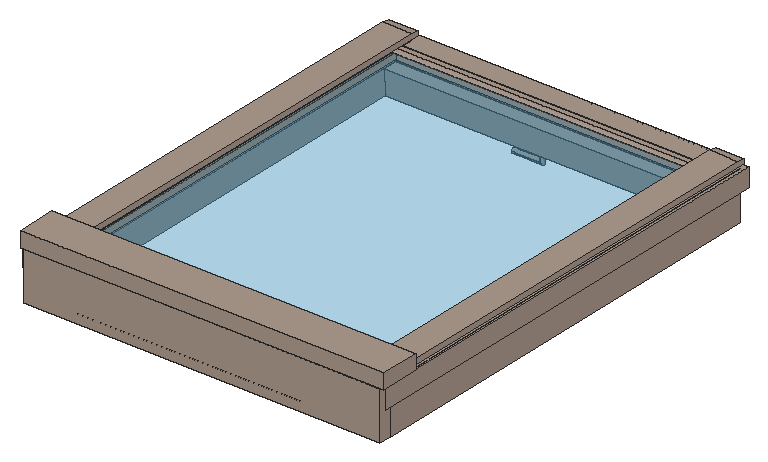
Revit family "GPL_v_1.01", category Окна, Revit 2017
Family settings
  Основа = Крыша
  Всегда вертикально = Нет
  При загрузке вырезать с полостями = Нет
  Общий = Нет
  Точка расчета площади = Нет
Parameters (values of type "Default")
  g-value = "0.66"
  Youtube clip = ""
  Window Opening Angle = if(Open Window, 45.00°, 0.00°)  # 0.00°
  Window Area = 1.11
  Ширина = 940.000 mm
  Weight Net (kg) = ""
  Warranty Years = "5 (10 with BDX)"
  Uniclass 2.0 Description = "Roof Window Units"
  Uniclass 2.0 Code = "PR-59-72"
  Uniclass 1.4 Description = "Rooflights/Roof windows"
  Uniclass 1.4 Code = "JL11"
  URL = "http://file-system.ru/catalog/zdaniya_i_sooruzheniya/eksterer/okna/gpl_velux_premium_mansardnoe_okno/#close_popup_window"
  UNSPC code = 301516
  UNSPC Category = "Roofing accessories"
  ThermalTransmittance - Glazing = "1.1"
  ThermalTransmittance = "1.57"
  Thermal bridge(glazing) = 0.049
  Thermal bridge = "0.09"
  Thermal Transmittance(frame) = 1.3
  Technical description = ""
  Square Reveal Length = 150.000 mm
  Sound Insulation db = 32
  Rough Width = 0.000 mm
  Rough Height = 0.000 mm
  Roof Slope = 45.00°
  Product identifier = ""
  Product group = "GPL 1.01"
  Product family = "Tophung window"
  Product data url = "http://www.velux.co.uk/private/products/velux_roof_windows/top_hung"
  Product certification = ""
  Product SKU = "gpl101"
  Placement Height = 0.000 mm
  Perimeter Window = 4.24
  Perimeter Glazing = 3.49
  Panel Offset = -39.000 mm  # constant formula
  Operation Mode = "Manuel"
  Open Window = no
  Offset from Roof = Placement Height + 169.000 mm  # 169.000 mm
  Name of the object = "New Generation - GPL"
  NBS Reference Description = "Roof Window Units"
  NBS Reference = "59-72"
  Группа модели = "New Generation - GPL"
  Material main = Wood
  Material Internal = Glass 73Q + ISD 0000
  Manufacturer country = "Denmark"
  Manufacturer URL = "www.velux.com"
  Изготовитель = "VELUX A/S"  # constant formula
  Light transmittance = "0.80"
  Installation instructions = "http://www.velux.co.uk/en-GB/Documents/Installation%20instructions%20pdf/Top%20Hung%20452226-0910.pdf"
  IFC Classification = "Window"
  Height = 1180.000 mm
  GlazingAreaFraction = "0.9"
  Function = "Top hung roof window"
  Frame Area = 0.21
  Emergency Exit = no
  Edition number = "1"
  EAN code = ""
  Design country = "Denmark"
  Date of publishing = "6/27/2013"
  Copyright = "VELUX A/S"  # constant formula
  COBIe Type Category = ""
  BIMobject Category = "Roof Window"
  Код по классификатору = "B3020110"
  Apron Visible [instance] = no
  Angled opening top [instance] = 135.00°
  Angled opening bottom [instance] = 135.00°
  Angle = -(Window Opening Angle)  # 0.00°
  Allowed Roof Slope = "15°-90°"
Reference planes
  plane 1 "Center (Front/Back)": y = 0
  plane 2 "Roof": z = 4000
  plane 3 "Center (Left/Right)": x = 0
  plane 4: x = -490.1
  plane 5: x = 490.1
  plane 6: y = 607.561
  plane 7: y = -607.561
  plane 8: y = 75
  plane 9: y = -75
  plane 10: z = 4419
  plane 11: z = 4250
  plane 12: y = -587.561
  plane 13: y = -559.561
  plane 14: y = 559.561
  plane 15: x = -450
  plane 16: x = 450
  plane 17: z = 4331
  plane 18 "Roof Face": z = 4250
  plane 19: x = 463.5
  plane 20: x = -463.5
  plane 21: y = -557.461
  plane 22: z = 4175
  plane 23: y = 687.561
  plane 24: y = -687.561
  plane 25: x = 508.1
  plane 26: x = -508.1
  plane 27: x = 468.602
  plane 28: x = -468.602
  plane 29: x = -428
  plane 30: x = 428
  plane 31: y = -591.861
  plane 32: y = 599.139
  plane 33: x = 470
  plane 34: x = -470
  plane 35: y = 588.139
  plane 36: x = -442.697
  plane 37: x = 442.697
  plane 38: x = -446.5
  plane 39: x = 446.5
Forms (mm)
  Sweep 1, void
    path origin (0, 0, 4000) x (1, 0, 0) y (0, 1, 0)
      loop
        line (442.697, 0) -> (-442.697, 0)
    profile origin (0, 0, 4000) x (0, -1, 0) y (0, 0, 1)
      loop
        line (559.561, 250) -> (-559.561, 250) -> (-559.561, 100) -> (-659.561, 0) -> (659.561, 0) -> (559.561, 100) -> (559.561, 250)
  Sweep 2, solid, material "Wood" <- "Material main"
    path origin (232.881, -1270, 4419) x (0, -1, 0) y (1, 0, 0)
      loop
        line (-712.539, -722.981) -> (-1858.139, -722.981)
    profile origin (-490.1, 15.339, 4419) x (-1, 0, 0) y (0, 0, 1)
      loop
        line (-20.1, -215.9) -> (-20.1, -88.7) -> (-62.1, -88.7) -> (-62.096, -177.7) -> (-56.388, -215.9) -> (-20.1, -215.9)
  Sweep 3, solid, material "Wood" <- "Material main"
    path origin (232.881, -1270, 4419) x (0, -1, 0) y (1, 0, 0)
      loop
        line (-686.789, -722.981) -> (-1877.561, -722.981)
    profile origin (-490.1, 12.175, 4419) x (-1, 0, 0) y (0, 0, 1)
      loop
        line (-12.998, -138.3) -> (-11.998, -138.3) -> (-11.998, -87.65) -> (-38.148, -87.65) -> (-38.148, -78.15) -> (-39.148, -78.15) -> (-39.148, -88.65) -> (-12.998, -88.65) -> (-12.998, -138.3)
  Sweep 4, solid, material "Wood" <- "Material main"
    path origin (232.881, -1270, 4419) x (0, -1, 0) y (1, 0, 0)
      loop
        line (-1858.139, 257.219) -> (-712.539, 257.219)
    profile origin (490.1, 15.339, 4419) x (1, 0, 0) y (0, 0, 1)
      loop
        line (-20.1, -215.9) -> (-20.1, -88.7) -> (-62.1, -88.7) -> (-62.096, -177.7) -> (-56.388, -215.9) -> (-20.1, -215.9)
  Sweep 5, solid, material "Wood" <- "Material main"
    path origin (232.881, -1270, 4419) x (0, -1, 0) y (1, 0, 0)
      loop
        line (-662.439, -701.483) -> (-662.439, 235.721)
    profile origin (0, -607.561, 4419) x (0, 1, 0) y (0, 0, 1)
      loop
        line (31.3, -88.1) -> (15.7, -88.1) -> (15.7, -215.9) -> (56, -215.9) -> (56, -141.8) -> (39.4, -141.8) -> (39.4, -109.299) -> (31.3, -106.9) -> (31.3, -88.1)
  Sweep 6, solid, material "Wood" <- "Material main"
    path origin (232.881, -1270, 4419) x (0, -1, 0) y (1, 0, 0)
      loop
        line (-1877.561, 202.721) -> (-1877.561, -660.881)
    profile origin (3.801, 607.561, 4419) x (0, -1, 0) y (0, 0, 1)
      loop
        line (19.423, -215.9) -> (56, -215.9) -> (56, -160) -> (43.673, -160) -> (32.044, -116.6) -> (19.423, -114.078) -> (19.423, -215.9)
  Sweep 7, solid, material "Glass 73Q + ISD 0000" <- "Material Internal"
    path origin (232.881, -1270, 4419) x (0, -1, 0) y (1, 0, 0)
      loop
        line (-662.439, -679.381) -> (-662.439, 213.619)
    profile origin (0, -607.561, 4419) x (0, 1, 0) y (0, 0, 1)
      loop
        line (31.3, -68.816) -> (31.3, -105.016) -> (39.4, -108.113) -> (39.4, -141.8) -> (80.4, -141.8) -> (80.4, -79.8) -> (70.4, -79.8) -> (70.4, -61.1) -> (39.556, -61.1) -> (31.3, -68.816)
  Sweep 8, solid, material "Wood" <- "Material main"
    path origin (232.881, -1270, 4419) x (0, -1, 0) y (1, 0, 0)
      loop
        line (-662.439, 245.221) -> (-662.439, -710.983)
    profile origin (0, -607.561, 4419) x (0, -1, 0) y (0, 0, 1)
      loop
        line (-120.7, -87.95) -> (-15.7, -87.95) -> (-15.7, -47.9) -> (-120.7, -47.9) -> (-120.7, -87.95)
  Sweep 9, solid, material "Wood" <- "Material main"
    path origin (232.881, -1270, 4419) x (0, -1, 0) y (1, 0, 0)
      loop
        line (-1877.561, 257.219) -> (-686.789, 257.219)
    profile origin (490.1, 12.175, 4419) x (1, 0, 0) y (0, 0, 1)
      loop
        line (-11.998, -138.3) -> (-11.998, -87.65) -> (-38.148, -87.65) -> (-38.148, -78.15) -> (-39.148, -78.15) -> (-39.148, -88.65) -> (-12.998, -88.65) -> (-12.998, -138.3) -> (-11.998, -138.3)
  Extrusion 10, solid, material "Wood" <- "Material main", visible <- "Apron Visible"
    sketch origin (232.881, -1380, 4250) x (0, -1, 0) y (1, 0, 0)
      loop
        line (-2168.139, 237.119) -> (-2168.139, -702.881) -> (-1968.139, -702.881) -> (-1968.139, 237.119) -> (-2168.139, 237.119)
    from 0 to 5
Cuts and joins
  joined: Sweep 2, Sweep 4, Sweep 5, Sweep 6
Lines and regions (mm)
  reference lines
    curve 1: line (0, 559.561, 4100) -> (0, -559.561, 4100)
    curve 2: line (0, 559.561, 4100) -> (0, 969.973, 3689.589)
    curve 3: line (0, -559.561, 4100) -> (0, -998.257, 3661.304)
    curve 8: line (-490.1, 0, 4419) -> (490.1, 0, 4419)
    curve 9: line (0, -522.489, 4379.9) -> (0, -512.873, 4379.9)
    curve 10: line (0, -522.489, 4379.9) -> (0, -234.928, 4379.9)
    curve 11: line (0, -522.489, 4554.9) -> (0, -522.489, 4064.9)
    curve 12: line (0, -522.489, 4379.9) -> (0, -227.489, 4379.9)
    curve 13: line (0, -522.489, 4379.9) -> (0, -522.489, 4311.857)
  symbolic lines
    curve 4: line (-490.1, 607.561, 4000) -> (0, -75, 4000)
    curve 5: line (0, -75, 4000) -> (490.1, 607.561, 4000)
    curve 6: line (-490.1, -607.561, 4000) -> (0, 75, 4000)
    curve 7: line (0, 75, 4000) -> (490.1, -607.561, 4000)
Dimensions and locks
  equal spacing: host sketch curve, plane 3 "Center (Left/Right)", host sketch curve
  equal spacing: host sketch curve, plane 1 "Center (Front/Back)", host sketch curve
  equal spacing: plane 4, plane 3 "Center (Left/Right)", plane 5
  "Ширина": plane 34 to plane 33
  equal spacing: plane 6, plane 1 "Center (Front/Back)", plane 7
  "Height": plane 35 to plane 31
  "Square Reveal Length": plane 18 "Roof Face" to curve 1
  plane 8 to plane 1 "Center (Front/Back)" to plane 9 = 75.000 mm locked, 75.000 mm locked
  locked: plane 7 to plane 12 at 20
  locked: plane 16 to plane 19 at 13.5
  locked: plane 20 to plane 15 at 13.5
  locked: plane 21 to plane 13 at 2.1
  locked: plane 27 to plane 5 at 21.498
  locked: plane 4 to plane 28 at 21.498
  locked: plane 13 to plane 24 at 128
  locked: plane 23 to plane 14 at 128
  locked: plane 7 to plane 13 at 48
  locked: plane 26 to plane 4 at 18
  locked: plane 5 to plane 25 at 18
  locked: plane 23 to plane 6 at 80
  locked: plane 10 to plane 11 at 169
  "Offset from Roof": plane 10 to host roof
  locked: plane 4 to plane 29 at 62.1
  locked: plane 30 to plane 5 at 62.1
  plane 13 to cut or joined group of Sweep 2, Sweep 4, Sweep 5, Sweep 6 = 8.000 mm
  locked: plane 6 to plane 32 at 8.423
  locked: plane 31 to plane 12 at 4.3
  locked: plane 4 to plane 34 at 20.1
  locked: plane 33 to plane 5 at 20.1
  locked: plane 35 to Extrusion 10 sketch curve at 200
  locked: plane 32 to plane 35 at 11
  locked: plane 29 to plane 36 at 14.697
  locked: plane 30 to plane 37 at 14.697
  locked: plane 34 to plane 38 at 23.5
  locked: plane 39 to plane 33 at 23.5
  angle curve 11 to curve 10 = 90.00°
  "Window Opening Angle": angle curve 10 to curve 12
  locked: curve 13 to curve 12 (angle 90.00°)
  "Angled opening top": angle curve 3 to curve 1
  "Angled opening bottom": angle curve 1 to curve 2
  aligned and locked: level to plane 2 "Roof"
  aligned and locked: Sweep 1 sketch curve to plane 1 "Center (Front/Back)"
  aligned and locked: host roof to Sweep 1 sketch curve  (x2)
  aligned and locked: Sweep 1 sketch curve to curve 2
  aligned and locked: Sweep 1 sketch curve to curve 3
  aligned and locked: Sweep 2 sketch curve to plane 4
  aligned and locked: Sweep 3 sketch curve to plane 4
  aligned and locked: plane 6 to Sweep 3 sketch curve
  aligned and locked: Sweep 4 sketch curve to plane 5
  aligned and locked: plane 6 to Sweep 6 sketch curve
  aligned and locked: plane 7 to Sweep 7 sketch curve
  aligned and locked: Sweep 8 sketch curve to plane 7
  aligned and locked: Sweep 9 sketch curve to plane 5
  aligned and locked: plane 6 to Sweep 9 sketch curve
  aligned and locked: Sweep 8 sketch curve to Sweep 9
  aligned and locked: Sweep 3 to Sweep 8 sketch curve
  aligned and locked: plane 13 to curve 1
  aligned and locked: Sweep 1 sketch curve to plane 13
  aligned and locked: plane 14 to Sweep 1 sketch curve
  aligned and locked: plane 14 to curve 1
  aligned and locked: plane 14 to curve 2
  aligned and locked: plane 21 to Sweep 4 sketch curve
  aligned and locked: plane 21 to Sweep 2 sketch curve
  aligned and locked: plane 27 to Sweep 5 sketch curve
  aligned and locked: plane 28 to Sweep 5 sketch curve
  aligned and locked: host roof to plane 18 "Roof Face"
  aligned and locked: curve 11 to curve 10
  aligned: curve 12 to nested 1
  aligned: nested 1 to curve 13
  aligned and locked: curve 11 to nested 1
  aligned and locked: Extrusion 10 sketch curve to plane 34
  aligned and locked: Extrusion 10 sketch curve to plane 33
  aligned and locked: plane 35 to Sweep 6 sketch curve
  aligned and locked: Extrusion 10 sketch curve to plane 35
  aligned and locked: plane 35 to Sweep 4 sketch curve
  aligned and locked: plane 35 to Sweep 2 sketch curve
  aligned and locked: plane 36 to Sweep 1 sketch curve
  aligned and locked: plane 37 to Sweep 1 sketch curve
  aligned and locked: plane 38 to Sweep 7 sketch curve
  aligned and locked: Sweep 7 sketch curve to plane 39
Automatic sketch dimensions
  plane 1 "Center (Front/Back)" to curve 8 = 0.000 mm
  curve 8 to plane 5 = 0.000 mm
  plane 4 to curve 8 = 0.000 mm
  profile plane to Sweep 3 sketch curve = 39.148 mm
  Sweep 3 sketch curve to Sweep 3 sketch curve = 1.000 mm  (x3)
  profile plane to Sweep 3 sketch curve = 12.998 mm
  Sweep 3 sketch curve to profile plane = 138.300 mm
  Sweep 3 sketch curve to Sweep 3 sketch curve = 49.650 mm
  Sweep 3 sketch curve to Sweep 3 sketch curve = 9.500 mm
  plane 7 to Sweep 5 sketch curve = 0.000 mm
  profile plane to Sweep 9 sketch curve = 39.148 mm
  Sweep 9 sketch curve to Sweep 9 sketch curve = 1.000 mm  (x3)
  profile plane to Sweep 9 sketch curve = 12.998 mm
  Sweep 9 sketch curve to profile plane = 138.300 mm
  Sweep 9 sketch curve to profile plane = 88.650 mm
  Sweep 9 sketch curve to Sweep 9 sketch curve = 9.500 mm
  curve 6 to plane 7 = 0.000 mm
  curve 4 to plane 6 = 0.000 mm
  curve 7 to plane 8 = 0.000 mm
  curve 5 to plane 3 "Center (Left/Right)" = 0.000 mm
  curve 7 to plane 5 = 0.000 mm
  curve 5 to plane 5 = 0.000 mm
  plane 7 to curve 7 = 0.000 mm
  plane 9 to curve 5 = 0.000 mm
  plane 6 to curve 5 = 0.000 mm
  curve 6 to plane 3 "Center (Left/Right)" = 0.000 mm
  plane 4 to curve 4 = 0.000 mm
  plane 4 to curve 6 = 0.000 mm
  Sweep 2 sketch curve to profile plane = 215.900 mm
  profile plane to Sweep 8 sketch curve = 120.700 mm
  Sweep 9 sketch curve to plane 7 = 24.350 mm
  Sweep 3 sketch curve to plane 7 = 24.350 mm
  profile plane to Sweep 4 sketch curve = 20.100 mm
  Sweep 2 sketch curve to profile plane = 88.700 mm
  Sweep 7 sketch curve to profile plane = 31.300 mm
  Sweep 7 sketch curve to Sweep 7 sketch curve = 8.100 mm
  Sweep 7 sketch curve to Sweep 7 sketch curve = 8.256 mm
  Sweep 7 sketch curve to Sweep 7 sketch curve = 30.844 mm
  Sweep 7 sketch curve to Sweep 7 sketch curve = 10.000 mm
  Sweep 7 sketch curve to profile plane = 141.800 mm
  Sweep 7 sketch curve to Sweep 7 sketch curve = 33.687 mm
  Sweep 7 sketch curve to Sweep 7 sketch curve = 3.097 mm
  Sweep 7 sketch curve to Sweep 7 sketch curve = 36.200 mm
  Sweep 7 sketch curve to Sweep 7 sketch curve = 7.716 mm
  Sweep 7 sketch curve to Sweep 7 sketch curve = 18.700 mm
  Sweep 8 sketch curve to profile plane = 47.900 mm
  Sweep 8 sketch curve to Sweep 8 sketch curve = 40.050 mm
  profile plane to Sweep 8 sketch curve = 15.700 mm
  profile plane to Sweep 2 sketch curve = 20.100 mm
  Sweep 2 sketch curve to Sweep 2 sketch curve = 36.288 mm
  Sweep 2 sketch curve to Sweep 2 sketch curve = 0.000 mm
  Sweep 2 sketch curve to Sweep 2 sketch curve = 5.708 mm
  Sweep 2 sketch curve to Sweep 2 sketch curve = 38.200 mm
  Sweep 2 sketch curve to Sweep 2 sketch curve = 42.000 mm
  Sweep 4 sketch curve to profile plane = 88.700 mm
  Sweep 4 sketch curve to Sweep 4 sketch curve = 127.200 mm
  Sweep 4 sketch curve to Sweep 4 sketch curve = 36.288 mm
  Sweep 4 sketch curve to Sweep 4 sketch curve = 0.000 mm
  Sweep 4 sketch curve to Sweep 4 sketch curve = 5.708 mm
  Sweep 4 sketch curve to Sweep 4 sketch curve = 38.200 mm
  Sweep 4 sketch curve to Sweep 4 sketch curve = 42.000 mm
  Sweep 6 sketch curve to plane 29 = 0.000 mm
  plane 37 to Sweep 6 sketch curve = 7.095 mm
  Sweep 5 sketch curve to profile plane = 15.700 mm
  Sweep 5 sketch curve to Sweep 5 sketch curve = 15.600 mm
  Sweep 5 sketch curve to Sweep 5 sketch curve = 8.100 mm
  Sweep 5 sketch curve to Sweep 5 sketch curve = 16.600 mm
  Sweep 5 sketch curve to profile plane = 215.900 mm
  Sweep 5 sketch curve to Sweep 5 sketch curve = 74.100 mm
  Sweep 5 sketch curve to Sweep 5 sketch curve = 32.501 mm
  Sweep 5 sketch curve to Sweep 5 sketch curve = 2.399 mm
  Sweep 5 sketch curve to Sweep 5 sketch curve = 18.800 mm
  Sweep 6 sketch curve to Sweep 6 sketch curve = 12.621 mm
  Sweep 6 sketch curve to profile plane = 43.673 mm
  Sweep 6 sketch curve to Sweep 6 sketch curve = 12.327 mm
  Sweep 6 sketch curve to profile plane = 215.900 mm
  Sweep 6 sketch curve to Sweep 6 sketch curve = 55.900 mm
  Sweep 6 sketch curve to Sweep 6 sketch curve = 43.400 mm
  Sweep 6 sketch curve to Sweep 6 sketch curve = 2.522 mm
  plane 21 to curve 9 = 34.972 mm
  curve 10 to plane 10 = 39.100 mm
  curve 9 to curve 9 = 9.616 mm
  plane 9 to curve 10 = 159.928 mm
  plane 2 "Roof" to curve 11 = 64.900 mm
  curve 13 to curve 11 = 121.522 mm
  curve 12 to curve 13 = 0.000 mm
Nested families
  nested 1: "GPL v.22_Openable" at (0, -522.489, 4211) x (-1, 0, 0) z (0, 0, 1), built-in parameter 1001364 <- "Panel Offset", type "GPL v.22_Openable"
Definition of nested family "GPL v.22_Openable"
  Parameters
    Window Opening Angle = 0.00°
    Width = 940.000 mm
    Material Internal = none
    Material External = none
    Height = 1180.000 mm
    Glazing = none
    Default Elevation = 1219.200 mm
    Assembly Code = ""
  Reference planes
    plane 1 "Center (Front/Back)": y = 0
    plane 2: z = 0
    plane 3 "Center (Left/Right)": x = 0
    plane 4: z = 119
  Forms (mm)
    Sweep 1, solid, material <- "Material Internal"
      path origin (0, 0, 119) x (0, -1, 0) y (1, 0, 0)
        loop
          line (-85.07, 393.9) -> (-85.07, -393.9)
      profile origin (0, 85.07, 119) x (0, -1, 0) y (0, 0, 1)
        loop
          line (85.072, -68.043) -> (60.5, -72.155) -> (60.5, -98.605) -> (115.096, -98.605) -> (122.727, -26) -> (103.6, -26) -> (103.6, 0) -> (85.072, 0) -> (85.072, -68.043)
        loop
          circle (94.835, -144.776) r 11.99
    Sweep 2, solid, material <- "Material Internal"
      path origin (0, 0, 119) x (0, -1, 0) y (1, 0, 0)
        loop
          line (1130.053, -393.9) -> (1130.053, 393.9)
      profile origin (0, -1130.053, 119) x (0, 1, 0) y (0, 0, 1)
        loop
          line (41.589, -92.7) -> (103.517, -92.7) -> (110.526, -26.008) -> (69.398, -26.008) -> (69.398, 3.4) -> (54.407, 3.4) -> (53.746, -0.344) -> (-4.292, -0.344) -> (-3.889, -15.711) -> (41.589, -24.798) -> (41.589, -92.7)
    Sweep 3, solid, material <- "Material Internal"
      path origin (0, -24.93, 119) x (-1, 0, 0) y (0, -1, 0)
        loop
          line (-490.1, 1085.123) -> (-490.1, -25)
      profile origin (490.1, -554.991, 119) x (-1, 0, 0) y (0, 0, 1)
        loop
          line (65.2, -92.7) -> (96.2, -92.7) -> (96.2, 0) -> (65.2, 0) -> (65.2, -92.7)
    Sweep 4, solid, material <- "Material Internal"
      path origin (-490.1, 600, 119) x (0, -1, 0) y (1, 0, 0)
        loop
          line (599.93, 0) -> (1710.053, 0)
      profile origin (-490.1, -554.992, 119) x (1, 0, 0) y (0, 0, 1)
        loop
          line (96.2, -92.7) -> (96.2, 0) -> (65.2, 0) -> (65.2, -92.7) -> (96.2, -92.7)
    Extrusion 5, solid, material <- "Glazing"
      sketch origin (0, 0, 119) x (0, -1, 0) y (1, 0, 0)
        loop
          line (1058.053, 393.1) -> (24.93, 393.1) -> (24.93, -393.1) -> (1058.053, -393.1) -> (1058.053, 393.1)
      from -26 to -22
    Extrusion 6, solid, material <- "Glazing"
      sketch origin (0, 0, 119) x (0, -1, 0) y (1, 0, 0)
        loop
          line (1058.053, 393.1) -> (24.93, 393.1) -> (24.93, -393.1) -> (1058.053, -393.1) -> (1058.053, 393.1)
      from -4.5 to -0.5
    Sweep 7, solid, material <- "Material External"
      path origin (0, 0, 119) x (0, -1, 0) y (1, 0, 0)
        loop
          line (1130.053, -450.5) -> (1130.053, 450.5)
      profile origin (0, -1130.053, 119) x (0, 1, 0) y (0, 0, 1)
        loop
          arc (83.524, 1.197) -> (76.247, 3.516) -> (68.65, 4.3) r 37.2
          line (68.65, 4.3) -> (51.813, 4.3) -> (51.171, 0.656) -> (-6.8, 0.656) -> (-6.8, -49.6) -> (-5.8, -49.6) -> (-5.8, -0.344) -> (52.01, -0.344) -> (52.652, 3.3) -> (68.65, 3.3)
          arc (68.65, 3.3) -> (76.194, 2.505) -> (83.406, 0.156) r 36.2
          line (83.406, 0.156) -> (83.524, 1.197)
    Sweep 8, solid, material <- "Material External"
      path origin (0, 0, 119) x (0, -1, 0) y (1, 0, 0)
        loop
          line (1130.053, 490.1) -> (-0.07, 490.1)
      profile origin (490.1, -564.991, 119) x (-1, 0, 0) y (0, 0, 1)
        loop
          line (98.287, 4.136) -> (98.287, 18.1) -> (22.917, 18.1) -> (22.917, 4.136) -> (98.287, 4.136)
    Sweep 9, solid, material <- "Material External"
      path origin (0, 0, 119) x (0, -1, 0) y (1, 0, 0)
        loop
          line (-0.07, -490.1) -> (1130.053, -490.1)
      profile origin (-490.1, -564.991, 119) x (1, 0, 0) y (0, 0, 1)
        loop
          line (22.917, 4.136) -> (98.287, 4.136) -> (98.287, 18.1) -> (22.917, 18.1) -> (22.917, 4.136)
    Sweep 10, void
      path origin (467.183, -1130.053, 137.1) x (0, 1, 0) y (-1, 0, 0)
        loop
          line (0, 0) -> (0, 75.37)
      profile origin (429.498, -1130.053, 137.1) x (0, -1, 0) y (0, 0, 1)
        loop
          line (0, 0) -> (-20, 0) -> (0, -3.5) -> (0, 0)
    Sweep 11, void
      path origin (-467.183, 0.07, 137.1) x (0, -1, 0) y (1, 0, 0)
        loop
          line (1130.123, 0) -> (1130.123, 75.37)
      profile origin (-429.498, -1130.053, 137.1) x (0, 1, 0) y (0, 0, 1)
        loop
          line (0, 0) -> (0, -3.5) -> (20, 0) -> (0, 0)
    Extrusion 12, solid, material <- "Material Internal"
      sketch origin (0, 0, 119) x (0, -1, 0) y (1, 0, 0)
        loop
          line (1040.151, -30) -> (1060.151, -30) -> (1060.151, 30) -> (1040.151, 30) -> (1040.151, -30)
      from -97.7 to -92.7
    Sweep 13, solid, material <- "Material Internal"
      path origin (-1645, -1058.053, 119) x (1, 0, 0) y (0, 0, 1)
        loop
          line (1645, -97.7) -> (1645, -119.9) -> (1720, -119.9)
      profile origin (0, -1058.053, 10.2) x (0, -1, 0) y (1, 0, 0)
        loop
          circle (-7.95, 0) r 6
    Sweep 14, solid, material <- "Material Internal"
      path origin (0, 0, 119) x (0, -1, 0) y (1, 0, 0)
        loop
          line (-24.57, -378.9) -> (-24.57, -393.9)
      profile origin (-386.4, 24.57, 119) x (0, -1, 0) y (0, 0, 1)
        loop
          arc (45.33, -139.994) -> (38.204, -119.382) -> (44.831, -98.605) r 34.582
          line (44.831, -98.605) -> (0, -98.605)
          arc (0, -98.605) -> (8.284, -128.121) -> (25.85, -153.247) r 91.534
          arc (25.85, -153.247) -> (41.079, -154.689) -> (45.33, -139.994) r 11.99
    Sweep 15, solid, material <- "Material Internal"
      path origin (0, 0, 119) x (0, -1, 0) y (1, 0, 0)
        loop
          line (-24.57, 393.9) -> (-24.57, 378.9)
      profile origin (386.4, 24.57, 119) x (0, -1, 0) y (0, 0, 1)
        loop
          arc (45.33, -139.994) -> (38.204, -119.382) -> (44.831, -98.605) r 34.582
          line (44.831, -98.605) -> (0, -98.605)
          arc (0, -98.605) -> (8.284, -128.121) -> (25.85, -153.247) r 91.534
          arc (25.85, -153.247) -> (41.079, -154.689) -> (45.33, -139.994) r 11.99
    Sweep 16, solid, material <- "Material Internal"
      path origin (0, 0, 119) x (0, -1, 0) y (1, 0, 0)
        loop
          line (-24.57, 7.5) -> (-24.57, -7.5)
      profile origin (0, 24.57, 119) x (0, -1, 0) y (0, 0, 1)
        loop
          arc (45.33, -139.994) -> (38.204, -119.382) -> (44.831, -98.605) r 34.582
          line (44.831, -98.605) -> (0, -98.605)
          arc (0, -98.605) -> (8.284, -128.121) -> (25.85, -153.247) r 91.534
          arc (25.85, -153.247) -> (41.079, -154.689) -> (45.33, -139.994) r 11.99
  Cuts and joins
    Sweep 10, Sweep 11 cuts Sweep 2
    Sweep 10, Sweep 11 cuts Sweep 7
    Sweep 10 cuts Sweep 8
    Sweep 11 cuts Sweep 9
  Lines and regions (mm)
    reference lines
      curve 1: line (0, 0, 119) -> (0, -1965.03, 119)
      curve 2: line (490.1, -600, 119) -> (490.1, 600, 119)
      curve 3: line (-490.1, 600, 119) -> (-490.1, -600, 119)
      curve 4: line (0, 0, 119) -> (-1065, 0, 119)
      curve 5: line (393.1, -600, 119) -> (393.1, 490, 119)
      curve 6: line (-393.1, 490, 119) -> (-393.1, -600, 119)
      curve 7: line (0, -1130.053, 119) -> (-1585, -1130.053, 119)
      curve 8: line (-1645, -1058.053, 119) -> (0, -1058.053, 119)
      curve 9: line (0, -24.93, 119) -> (-1705, -24.93, 119)
      curve 10: line (0, 0.07, 119) -> (-1705, 0.07, 119)
      curve 11: line (0, 0, 119) -> (0, 0, 1090.696)
      curve 12: line (0, -277.823, -470.753) -> (0, -277.823, 131.162)
      curve 13: line (0, -1428, 119) -> (0, -1428, 79)
      curve 14: line (0, 85.07, 119) -> (-1065, 85.07, 119)
      curve 15: line (0, 85.07, 119) -> (0, 85.07, 1090.696)
      curve 16: line (0, 85.07, 119) -> (0, 20.07, 119)
      curve 17: line (0, 69.37, 119) -> (-1065, 69.37, 119)
      curve 18: line (0, -1121.63, 119) -> (-1585, -1121.63, 119)
      curve 19: line (470, -600, 119) -> (470, 600, 119)
      curve 20: line (-470, 600, 119) -> (-470, -600, 119)
      curve 21: line (0, -1110.63, 119) -> (-1585, -1110.63, 119)
  Dimensions and locks
    locked: plane 4 to level at 119
    equal spacing: curve 3, curve 1, curve 2
    "Width": curve 20 to curve 19
    locked: curve 5 to curve 2 at 97
    locked: curve 3 to curve 6 at 97
    "Height": curve 17 to curve 21
    curve 11 to curve 12 = 277.823 mm
    equal spacing: curve 3, curve 11, curve 2
    Extrusion 12 sketch curve to curve 8 to Extrusion 12 sketch curve = 17.902 mm locked, 2.098 mm locked
    Extrusion 12 sketch curve to curve 1 to Extrusion 12 sketch curve = 30.000 mm locked, 30.000 mm locked
    locked: curve 8 to curve 7 at 72
    locked: curve 14 to curve 4 at 85.07
    curve 14 to curve 10 to curve 9 = 85.000 mm locked, 25.000 mm locked
    locked: Sweep 14 sketch curve to Sweep 14 sketch curve at 15
    locked: Sweep 15 sketch curve to Sweep 15 sketch curve at 15
    Sweep 16 sketch curve to curve 1 to Sweep 16 sketch curve = 7.500 mm locked, 7.500 mm locked
    locked: curve 14 to curve 17 at 15.7
    locked: curve 18 to curve 7 at 8.423
    locked: curve 19 to curve 2 at 20.1
    locked: curve 3 to curve 20 at 20.1
    locked: curve 21 to curve 18 at 11
    locked: Sweep 7 sketch curve to Sweep 4 at 56.6
    locked: Sweep 3 to Sweep 7 sketch curve at 56.6
    "Window Opening Angle": angle plane 4 to curve 1
    locked: curve 11 to curve 1 (angle 90.00°)
    locked: curve 1 to curve 12 (angle 90.00°)
    locked: curve 15 to curve 16 (angle 90.00°)
    locked: curve 14 to curve 16 (angle 90.00°)
    aligned and locked: level to plane 2
    aligned and locked: Sweep 3 sketch curve to curve 2
    aligned and locked: curve 3 to Sweep 4 sketch curve
    aligned and locked: Extrusion 5 sketch curve to curve 5
    aligned and locked: curve 6 to Extrusion 5 sketch curve
    aligned and locked: Extrusion 6 sketch curve to curve 5
    aligned and locked: curve 6 to Extrusion 6 sketch curve
    aligned and locked: Sweep 8 sketch curve to curve 2
    aligned and locked: curve 3 to Sweep 9 sketch curve
    aligned and locked: Sweep 10 sketch curve to Sweep 8  (x3)
    aligned and locked: Sweep 8 to Sweep 10 sketch curve
    aligned and locked: profile plane to Sweep 10 sketch curve
    aligned and locked: Sweep 11 sketch curve to Sweep 9  (x3)
    aligned and locked: Sweep 9 to Sweep 11 sketch curve
    aligned and locked: profile plane to Sweep 11 sketch curve
    aligned and locked: Sweep 7 sketch curve to curve 7
    aligned and locked: Sweep 2 sketch curve to curve 7
    aligned and locked: curve 8 to Extrusion 6 sketch curve
    aligned and locked: Extrusion 6 sketch curve to curve 9
    aligned and locked: curve 8 to Extrusion 5 sketch curve
    aligned and locked: Extrusion 5 sketch curve to curve 9
    aligned and locked: curve 7 to Sweep 9 sketch curve
    aligned and locked: curve 10 to Sweep 4 sketch curve
    aligned and locked: Sweep 3 sketch curve to curve 10
    aligned and locked: Sweep 8 sketch curve to curve 7
    aligned and locked: Sweep 4 sketch curve to cut or joined group of Sweep 9, Sweep 11
    aligned and locked: cut or joined group of Sweep 8, Sweep 10 to Sweep 3 sketch curve
    aligned and locked: cut or joined group of Sweep 2, Sweep 10, Sweep 11 to Extrusion 12
    aligned and locked: curve 13 to Sweep 13 sketch curve
    aligned and locked: Extrusion 12 to Sweep 13 sketch curve
    aligned and locked: Sweep 1 sketch curve to curve 14
    aligned and locked: curve 10 to Sweep 9 sketch curve
    aligned and locked: Sweep 8 sketch curve to curve 10
    aligned and locked: Sweep 14 sketch curve to Sweep 1
    aligned and locked: Sweep 1 to Sweep 15 sketch curve
    aligned and locked: Sweep 15 sketch curve to Sweep 1
    aligned and locked: Sweep 2 sketch curve to Sweep 4
    aligned and locked: Sweep 3 to Sweep 2 sketch curve
    aligned and locked: Sweep 4 to Sweep 1 sketch curve
    aligned and locked: Sweep 1 sketch curve to Sweep 3
  Automatic sketch dimensions
    curve 11 to plane 1 "Center (Front/Back)" = 0.000 mm
    curve 11 to plane 4 = 0.000 mm
    curve 1 to curve 12 = 12.162 mm
    curve 13 to curve 1 = 0.000 mm
    curve 13 to curve 1 = 40.000 mm
    curve 13 to curve 1 = 537.030 mm
    curve 11 to curve 15 = 0.000 mm
    curve 16 to curve 11 = 20.070 mm
    Sweep 16 sketch curve to curve 1 = 24.570 mm
    Sweep 16 sketch curve to profile plane = 0.000 mm
    Sweep 16 sketch curve to Sweep 16 sketch curve = 25.850 mm
    Sweep 16 sketch curve to Sweep 16 sketch curve = 8.485 mm
    Sweep 16 sketch curve to Sweep 16 sketch curve = 44.831 mm
    Sweep 16 sketch curve to Sweep 16 sketch curve = 10.995 mm
    Sweep 16 sketch curve to Sweep 16 sketch curve = 27.454 mm
    Sweep 16 sketch curve to Sweep 16 sketch curve = 18.243 mm
    Sweep 16 sketch curve to profile plane = 153.247 mm
    Sweep 16 sketch curve to Sweep 16 sketch curve = 8.471 mm
    Sweep 16 sketch curve to Sweep 16 sketch curve = 21.029 mm
    curve 4 to curve 1 = 0.000 mm  (x2)
    curve 4 to curve 1 = 1065.000 mm
    curve 5 to curve 1 = 490.000 mm
    curve 6 to curve 1 = 490.000 mm
    curve 20 to curve 6 = 110.000 mm
    curve 19 to curve 5 = 110.000 mm
    curve 3 to curve 20 = 0.000 mm  (x2)
    curve 19 to curve 2 = 0.000 mm  (x2)
    curve 1 to curve 6 = 600.000 mm
    curve 1 to curve 19 = 600.000 mm
    curve 3 to curve 6 = 0.000 mm
    curve 5 to curve 19 = 0.000 mm
    Sweep 1 sketch curve to profile plane = 0.000 mm
    Sweep 1 sketch curve to profile plane = 60.500 mm
    Sweep 1 sketch curve to Sweep 1 sketch curve = 24.572 mm
    Sweep 1 sketch curve to Sweep 1 sketch curve = 34.335 mm
    Sweep 1 sketch curve to Sweep 1 sketch curve = 18.528 mm
    Sweep 1 sketch curve to Sweep 1 sketch curve = 30.024 mm
    Sweep 1 sketch curve to profile plane = 26.000 mm
    Sweep 1 sketch curve to Sweep 1 sketch curve = 19.127 mm
    Sweep 1 sketch curve to Sweep 1 sketch curve = 42.043 mm
    Sweep 1 sketch curve to Sweep 1 sketch curve = 4.112 mm
    Sweep 1 sketch curve to Sweep 1 sketch curve = 26.450 mm
    Sweep 1 sketch curve to Sweep 1 sketch curve = 46.170 mm
    Sweep 2 sketch curve to profile plane = 0.344 mm
    profile plane to Sweep 2 sketch curve = 4.292 mm
    profile plane to Sweep 2 sketch curve = 3.889 mm
    Sweep 2 sketch curve to profile plane = 41.589 mm
    Sweep 2 sketch curve to Sweep 2 sketch curve = 12.158 mm
    Sweep 2 sketch curve to Sweep 2 sketch curve = 0.660 mm
    Sweep 2 sketch curve to Sweep 2 sketch curve = 27.809 mm
    Sweep 2 sketch curve to Sweep 2 sketch curve = 61.928 mm
    Sweep 2 sketch curve to profile plane = 26.008 mm
    Sweep 2 sketch curve to Sweep 2 sketch curve = 41.128 mm
    Sweep 2 sketch curve to Sweep 2 sketch curve = 66.692 mm
    Sweep 2 sketch curve to profile plane = 24.798 mm
    Sweep 2 sketch curve to Sweep 2 sketch curve = 15.367 mm
    profile plane to Sweep 2 sketch curve = 3.400 mm
    Sweep 7 sketch curve to Sweep 7 sketch curve = 0.000 mm  (x2)
    profile plane to Sweep 7 sketch curve = 0.656 mm
    profile plane to Sweep 7 sketch curve = 6.800 mm
    Sweep 7 sketch curve to Sweep 7 sketch curve = 1.000 mm
    Sweep 7 sketch curve to profile plane = 51.171 mm
    Sweep 7 sketch curve to Sweep 7 sketch curve = 0.643 mm
    Sweep 7 sketch curve to profile plane = 0.344 mm
    Sweep 7 sketch curve to Sweep 7 sketch curve = 0.839 mm  (x2)
    profile plane to Sweep 7 sketch curve = 3.300 mm
    Sweep 7 sketch curve to Sweep 7 sketch curve = 15.998 mm
    profile plane to Sweep 7 sketch curve = 0.156 mm
    Sweep 7 sketch curve to Sweep 7 sketch curve = 14.756 mm
    Sweep 7 sketch curve to Sweep 7 sketch curve = 0.118 mm
    Sweep 7 sketch curve to Sweep 7 sketch curve = 49.256 mm
    Sweep 7 sketch curve to Sweep 7 sketch curve = 1.041 mm
    Sweep 8 sketch curve to profile plane = 22.917 mm
    profile plane to Sweep 8 sketch curve = 18.100 mm
    Sweep 8 sketch curve to Sweep 8 sketch curve = 75.370 mm
    profile plane to Sweep 8 sketch curve = 4.136 mm
    Sweep 9 sketch curve to profile plane = 22.917 mm
    profile plane to Sweep 9 sketch curve = 18.100 mm
    Sweep 9 sketch curve to Sweep 9 sketch curve = 75.370 mm
    profile plane to Sweep 9 sketch curve = 4.136 mm
    profile plane to Sweep 10 sketch curve = 20.000 mm
    Sweep 10 sketch curve to profile plane = 3.500 mm
    Sweep 11 sketch curve to Sweep 11 sketch curve = 20.000 mm
    Sweep 11 sketch curve to Sweep 11 sketch curve = 3.500 mm
    curve 7 to curve 4 = 0.000 mm
    curve 21 to curve 4 = 0.000 mm
    curve 18 to curve 4 = 0.000 mm
    curve 8 to curve 4 = 0.000 mm
    curve 9 to curve 4 = 0.000 mm
    curve 17 to curve 4 = 0.000 mm  (x2)
    curve 10 to curve 4 = 0.000 mm
    curve 14 to curve 4 = 0.000 mm
    curve 4 to curve 7 = 520.000 mm
    curve 18 to curve 7 = 0.000 mm
    curve 21 to curve 18 = 0.000 mm
    curve 21 to curve 8 = 60.000 mm
    curve 4 to curve 9 = 640.000 mm
    curve 10 to curve 9 = 0.000 mm
    Sweep 13 sketch curve to curve 8 = 119.900 mm
    Sweep 13 sketch curve to Sweep 13 sketch curve = 75.000 mm
    Sweep 13 sketch curve to profile plane = 0.000 mm
    Sweep 13 sketch curve to profile plane = 7.950 mm
    Sweep 14 sketch curve to curve 1 = 24.570 mm
    profile plane to Sweep 14 sketch curve = 0.000 mm
    Sweep 14 sketch curve to profile plane = 25.850 mm
    Sweep 14 sketch curve to Sweep 14 sketch curve = 8.485 mm
    Sweep 14 sketch curve to profile plane = 44.831 mm
    Sweep 14 sketch curve to Sweep 14 sketch curve = 10.995 mm
    Sweep 14 sketch curve to Sweep 14 sketch curve = 27.454 mm
    Sweep 14 sketch curve to Sweep 14 sketch curve = 18.243 mm
    Sweep 14 sketch curve to profile plane = 153.247 mm
    Sweep 14 sketch curve to Sweep 14 sketch curve = 8.471 mm
    Sweep 14 sketch curve to Sweep 14 sketch curve = 21.029 mm
    profile plane to Sweep 15 sketch curve = 0.000 mm
    Sweep 15 sketch curve to profile plane = 25.850 mm
    Sweep 15 sketch curve to Sweep 15 sketch curve = 8.485 mm
    Sweep 15 sketch curve to profile plane = 44.831 mm
    Sweep 15 sketch curve to Sweep 15 sketch curve = 10.995 mm
    Sweep 15 sketch curve to Sweep 15 sketch curve = 27.454 mm
    Sweep 15 sketch curve to Sweep 15 sketch curve = 18.243 mm
    Sweep 15 sketch curve to profile plane = 153.247 mm
    Sweep 15 sketch curve to Sweep 15 sketch curve = 8.471 mm
    Sweep 15 sketch curve to Sweep 15 sketch curve = 21.029 mm
    Sweep 4 sketch curve to profile plane = 92.700 mm
    Sweep 3 sketch curve to profile plane = 92.700 mm
    Sweep 3 sketch curve to profile plane = 65.200 mm
    Sweep 4 sketch curve to profile plane = 65.200 mm
    Sweep 3 sketch curve to Sweep 3 sketch curve = 92.700 mm
    Sweep 4 sketch curve to Sweep 4 sketch curve = 31.000 mm
    profile plane to Sweep 4 sketch curve = 0.000 mm
    Sweep 3 sketch curve to Sweep 3 sketch curve = 31.000 mm
    radius of Sweep 1 sketch curve = 11.990 mm
    radius of Sweep 13 sketch curve = 6.000 mm
